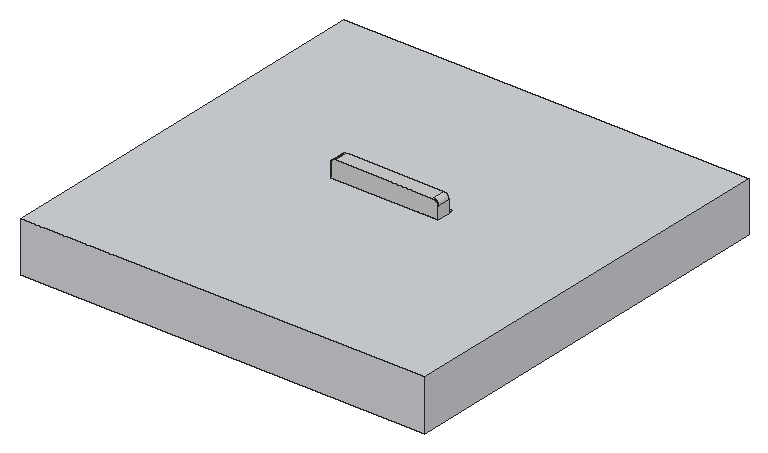
Revit family "QF_Etagère_murale_pour_bouteilles", category Equipement spécialisé, Revit 2015
Parameters
  URL catalogue = "http://www.bourgeat.fr"
  URL = ""
  Type article = ""
  Spécification du Fabricant = "etagere murale pour bouteille"
  Profondeur hors tout = 105 mm
  Modèle = "846007"
  Longueur hors tout = 650 mm
  Hauteur hors tout = 110 mm
  Fabricant = "BOURGEAT"
  Elévation par défaut = 1600 mm
  Description = ""
  Contact SAV = "0033(4).76.32.14.44"
  Type Comments = ""
Reference planes
  plane 1 "Centre (avant/arrière)": y = 0
  plane 2: z = 0
  plane 3 "Centre (gauche/droite)": x = 0
  plane 4: y = 110
  plane 5: x = -325
  plane 6: x = 325
  plane 7: z = 105
Forms (mm)
  Extrusion 1, solid
    sketch origin (0, 0, 0) x (1, 0, 0) y (0, 1, 0)
      loop
        line (-1219.2, 1219.2) -> (-1219.2, -1219.2) -> (1219.2, -1219.2) -> (1219.2, 1219.2) -> (-1219.2, 1219.2)
    from 0 to -304.8
  Extrusion 2, solid, material "Acier inox"
    sketch origin (0, 0, 0) x (1, 0, 0) y (0, 0, 1)
      loop
        arc (-295, 105) -> (-316.213, 96.213) -> (-325, 75) r 30
        line (-325, 75) -> (-325, 0) -> (325, 0) -> (325, 75)
        arc (325, 75) -> (316.213, 96.213) -> (295, 105) r 30
        line (295, 105) -> (-295, 105)
      loop
        arc (-295, 103.8) -> (-315.365, 95.365) -> (-323.8, 75) r 28.8
        line (-323.8, 75) -> (-323.8, 1.2) -> (323.8, 1.2) -> (323.8, 75)
        arc (323.8, 75) -> (315.365, 95.365) -> (295, 103.8) r 28.8
        line (295, 103.8) -> (-295, 103.8)
    from -110 to -1.2
  Extrusion 3, solid, material "Acier inox"
    sketch origin (0, 0, 0) x (1, 0, 0) y (0, 0, 1)
      loop
        line (-325, 75) -> (-325, 0) -> (325, 0) -> (325, 75)
        arc (325, 75) -> (316.213, 96.213) -> (295, 105) r 30
        line (295, 105) -> (-295, 105)
        arc (-295, 105) -> (-316.213, 96.213) -> (-325, 75) r 30
    from 0 to -1.2
  Extrusion 4, void
    sketch origin (0, 0, 0) x (1, 0, 0) y (0, 1, 0)
      loop
        line (-325, 110) -> (-325, 78.8) -> (-295, 78.8)
        arc (-295, 78.8) -> (-288.124, 81.242) -> (-281.5, 84.3) r 80
        line (-281.5, 84.3) -> (281.5, 84.3)
        arc (281.5, 84.3) -> (288.124, 81.242) -> (295, 78.8) r 80
        line (295, 78.8) -> (325, 78.8) -> (325, 110) -> (-325, 110)
    from 1.2 to 105
  Extrusion 5, void
    sketch origin (0, 0, 0) x (1, 0, 0) y (0, 1, 0)
      loop
        line (-325, 78.8) -> (-323.7, 78.8) -> (-323.7, 103.273)
        arc (-323.7, 103.273) -> (-323.401, 104.326) -> (-322.593, 105.063) r 2
        arc (-322.593, 105.063) -> (-316.862, 107.645) -> (-310.947, 109.769) r 80
        arc (-310.947, 109.769) -> (-310.204, 109.942) -> (-309.443, 110) r 5
        line (-309.443, 110) -> (-325, 110) -> (-325, 78.8)
      loop
        arc (-296.5, 101) -> (-300, 104.5) -> (-303.5, 101) r 3.5
        line (-303.5, 101) -> (-303.5, 94.772)
        arc (-303.5, 94.772) -> (-300, 82.25) -> (-296.5, 94.772) r 6.75
        line (-296.5, 94.772) -> (-296.5, 101)
    from 0 to 1.2
  Extrusion 6, void
    sketch origin (0, 0, 0) x (-1, 0, 0) y (0, -1, 0)
      loop
        line (-325, -78.8) -> (-325, -110) -> (-309.443, -110)
        arc (-309.443, -110) -> (-310.204, -109.942) -> (-310.947, -109.769) r 5
        arc (-310.947, -109.769) -> (-316.862, -107.645) -> (-322.593, -105.063) r 80
        arc (-322.593, -105.063) -> (-323.401, -104.326) -> (-323.7, -103.273) r 2
        line (-323.7, -103.273) -> (-323.7, -78.8) -> (-325, -78.8)
      loop
        line (-296.5, -101) -> (-296.5, -94.772)
        arc (-296.5, -94.772) -> (-300, -82.25) -> (-303.5, -94.772) r 6.75
        line (-303.5, -94.772) -> (-303.5, -101)
        arc (-303.5, -101) -> (-300, -104.5) -> (-296.5, -101) r 3.5
    from 0 to 1.2
Cuts and joins
  Extrusion 4, Extrusion 5, Extrusion 6 cuts Extrusion 2
  Extrusion 4, Extrusion 6 cuts Extrusion 3
  joined: Extrusion 2, Extrusion 3
Dimensions and locks
  "Hauteur hors tout": plane 4 to plane 1 "Centre (avant/arrière)"
  equal spacing: plane 5, plane 3 "Centre (gauche/droite)", plane 6
  "Longueur hors tout": plane 5 to plane 6
  "Profondeur hors tout": plane 7 to plane 2
  aligned and locked: plane 2 to Extrusion 1
  aligned and locked: level to Extrusion 1
  aligned and locked: Extrusion 2 sketch curve to plane 7
  aligned and locked: plane 5 to Extrusion 2 sketch curve
  aligned and locked: level to Extrusion 2 sketch curve
  aligned and locked: Extrusion 2 sketch curve to plane 6
  aligned and locked: plane 4 to Extrusion 2
  aligned and locked: Extrusion 2 to Extrusion 3
  aligned and locked: Extrusion 4 to Extrusion 2
  aligned and locked: plane 7 to Extrusion 4
Automatic sketch dimensions
  Extrusion 1 sketch curve to Extrusion 1 sketch curve = 2438.4 mm  (x2)
  Extrusion 2 sketch curve to Extrusion 2 sketch curve = 0 mm  (x4)
  Extrusion 2 sketch curve to Extrusion 2 sketch curve = 1.2 mm
  Extrusion 2 sketch curve to Extrusion 2 sketch curve = 28.8 mm  (x2)
  level to Extrusion 2 sketch curve = 1.2 mm
  Extrusion 3 sketch curve to plane 5 = 0 mm
  Extrusion 3 sketch curve to plane 7 = 0 mm
  Extrusion 3 sketch curve to level = 0 mm
  Extrusion 3 sketch curve to plane 6 = 0 mm
  plane 5 to Extrusion 3 sketch curve = 30 mm
  Extrusion 3 sketch curve to plane 6 = 30 mm
  Extrusion 4 sketch curve to plane 4 = 0 mm
  Extrusion 4 sketch curve to plane 5 = 0 mm
  Extrusion 4 sketch curve to plane 6 = 0 mm
  plane 5 to Extrusion 4 sketch curve = 6.692 mm
  plane 5 to Extrusion 4 sketch curve = 30 mm
  Extrusion 4 sketch curve to Extrusion 4 sketch curve = 13.5 mm  (x2)
  Extrusion 4 sketch curve to plane 6 = 43.5 mm
  Extrusion 4 sketch curve to plane 6 = 6.692 mm
  Extrusion 4 sketch curve to plane 4 = 25.7 mm
  Extrusion 4 sketch curve to Extrusion 4 sketch curve = 31.2 mm
  Extrusion 4 sketch curve to Extrusion 4 sketch curve = 5.5 mm
  Extrusion 5 sketch curve to plane 4 = 0 mm  (x2)
  Extrusion 5 sketch curve to plane 5 = 0 mm
  plane 5 to Extrusion 5 sketch curve = 1.3 mm
  Extrusion 5 sketch curve to Extrusion 5 sketch curve = 2 mm
  Extrusion 5 sketch curve to Extrusion 5 sketch curve = 12.257 mm
  Extrusion 5 sketch curve to Extrusion 5 sketch curve = 5.943 mm
  Extrusion 5 sketch curve to Extrusion 5 sketch curve = 3.5 mm  (x2)
  plane 5 to Extrusion 5 sketch curve = 38.108 mm
  Extrusion 5 sketch curve to Extrusion 5 sketch curve = 5 mm
  Extrusion 5 sketch curve to plane 4 = 6.727 mm
  Extrusion 5 sketch curve to plane 4 = 9 mm
  Extrusion 5 sketch curve to Extrusion 5 sketch curve = 6.228 mm
  Extrusion 5 sketch curve to Extrusion 5 sketch curve = 5.772 mm
  Extrusion 5 sketch curve to Extrusion 5 sketch curve = 24.473 mm
  Extrusion 5 sketch curve to plane 1 "Centre (avant/arrière)" = 33.471 mm
  Extrusion 5 sketch curve to Extrusion 5 sketch curve = 0 mm  (x2)
  Extrusion 6 sketch curve to plane 4 = 0 mm  (x2)
  Extrusion 6 sketch curve to plane 6 = 0 mm
  plane 6 to Extrusion 6 sketch curve = 1.3 mm
  Extrusion 6 sketch curve to Extrusion 6 sketch curve = 2 mm
  Extrusion 6 sketch curve to Extrusion 6 sketch curve = 12.257 mm
  Extrusion 6 sketch curve to Extrusion 6 sketch curve = 5.943 mm
  Extrusion 6 sketch curve to Extrusion 6 sketch curve = 3.5 mm  (x2)
  plane 6 to Extrusion 6 sketch curve = 38.108 mm
  plane 4 to Extrusion 6 sketch curve = 5 mm
  plane 4 to Extrusion 6 sketch curve = 6.727 mm
  plane 4 to Extrusion 6 sketch curve = 9 mm
  Extrusion 6 sketch curve to Extrusion 6 sketch curve = 6.228 mm
  Extrusion 6 sketch curve to Extrusion 6 sketch curve = 5.772 mm
  Extrusion 6 sketch curve to Extrusion 6 sketch curve = 24.473 mm
  plane 1 "Centre (avant/arrière)" to Extrusion 6 sketch curve = 33.471 mm
  Extrusion 6 sketch curve to Extrusion 6 sketch curve = 0 mm  (x2)
